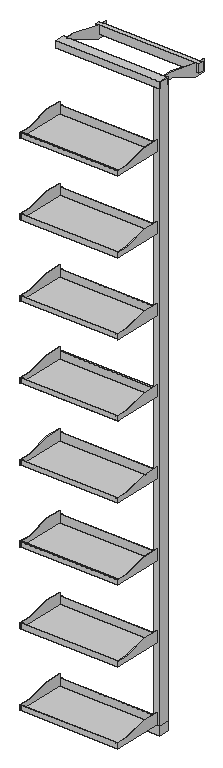
Revit family "RX25", category Specialty Equipment, Revit 2012
Parameters (values of type "Pharmacy Rolling Frame Starter (Default)")
  URL = "http://www.madixinc.com/store/pharmacy/components/index.html"
  Model = "Pharmacy"
  Manufacturer = "© 2012 Madix, Inc. All rights reserved."
  "Front" Base Shelf [instance] = yes
  "Front" 2' Shelf [instance] = yes
  "Front" 3' Shelf [instance] = yes
  "Front" 4' Shelf [instance] = yes
  Shelf Width = 1' - 4"
  "Front" 5' Shelf [instance] = yes
  "Front" 6' Shelf [instance] = yes
  "Front" 7' Shelf [instance] = yes
  "Front" 8' Shelf [instance] = yes
  Height = 8' - 0"
Reference planes (in)
  plane 1 "Center (Front/Back)": y = 0
  plane 2: z = 0
  plane 3 "Center (Left/Right)": x = 0
  plane 4: z = 0
  plane 5: z = 1.5
  plane 6: x = 8.5
  plane 7: x = 8.4375
  plane 8: x = -8.5
  plane 9: x = -8.4375
  plane 10: x = -8
  plane 11: x = 8
  plane 12: x = -8.5
  plane 13: x = 8.5
  plane 14: x = 7.5
  plane 15: x = -7.5
  plane 16: x = -7.9375
  plane 17: x = 7.9375
  plane 18: z = 96
  plane 19: z = 95.9375
  plane 20: z = 95
  plane 21: z = 93
  plane 22: z = 96
  plane 23: z = 95.9375
  plane 24: z = 95
  plane 25: z = 93
  plane 26: z = 96
Forms (in)
  Extrusion 1, solid, material "Metal - Steel", visible <- ""Front" Base Shelf"
    sketch origin (0, 0, 0) x (0, 1, 0) y (0, 0, 1)
      loop
        line (-0.75, 1.5) -> (-0.75, 3.25) -> (-3.25, 3.25) -> (-6.75, 2.25) -> (-8.75, 2.25) -> (-8.75, 1.5) -> (-0.75, 1.5)
    from -8 to -7.9375
  Extrusion 2, solid, material "Metal - Steel", visible <- ""Front" Base Shelf"
    sketch origin (0, 0, 0) x (0, 1, 0) y (0, 0, -1)
      loop
        line (-0.75, -1.5) -> (-8.75, -1.5) -> (-8.75, -2.25) -> (-6.75, -2.25) -> (-3.25, -3.25) -> (-0.75, -3.25) -> (-0.75, -1.5)
    from -8 to -7.9375
  Extrusion 3, solid, material "Metal - Steel", visible <- ""Front" Base Shelf"
    sketch origin (-8.5, -1.375, 84) x (0, 0, -1) y (0, -1, 0)
      loop
        line (81.75, 7.375) -> (81.75, 7.3125) -> (82.4375, 7.3125) -> (82.4375, -0.5625) -> (81.21326, -0.5625) -> (81.21326, -0.625) -> (82.5, -0.625) -> (82.5, 7.375) -> (81.75, 7.375)
    from -16.4375 to -0.5625
  Extrusion 4, solid, material "Metal - Steel", visible <- ""Front" 2' Shelf"
    sketch origin (0, 0, 12) x (0, 1, 0) y (0, 0, 1)
      loop
        line (-0.75, 1.5) -> (-0.75, 3.25) -> (-3.25, 3.25) -> (-6.75, 2.25) -> (-8.75, 2.25) -> (-8.75, 1.5) -> (-0.75, 1.5)
    from -8 to -7.9375
  Extrusion 5, solid, material "Metal - Steel", visible <- ""Front" 2' Shelf"
    sketch origin (0, 0, 12) x (0, 1, 0) y (0, 0, -1)
      loop
        line (-0.75, -1.5) -> (-8.75, -1.5) -> (-8.75, -2.25) -> (-6.75, -2.25) -> (-3.25, -3.25) -> (-0.75, -3.25) -> (-0.75, -1.5)
    from -7.9375 to -8
  Extrusion 6, solid, material "Metal - Steel", visible <- ""Front" 2' Shelf"
    sketch origin (-8.5, -1.375, 96) x (0, 0, -1) y (0, -1, 0)
      loop
        line (81.75, 7.375) -> (81.75, 7.3125) -> (82.4375, 7.3125) -> (82.4375, -0.5625) -> (81.21326, -0.5625) -> (81.21326, -0.625) -> (82.5, -0.625) -> (82.5, 7.375) -> (81.75, 7.375)
    from -16.4375 to -0.5625
  Extrusion 7, solid, material "Metal - Steel", visible <- ""Front" 3' Shelf"
    sketch origin (0, 0, 24) x (0, 1, 0) y (0, 0, 1)
      loop
        line (-0.75, 1.5) -> (-0.75, 3.25) -> (-3.25, 3.25) -> (-6.75, 2.25) -> (-8.75, 2.25) -> (-8.75, 1.5) -> (-0.75, 1.5)
    from -8 to -7.9375
  Extrusion 8, solid, material "Metal - Steel", visible <- ""Front" 3' Shelf"
    sketch origin (0, 0, 24) x (0, 1, 0) y (0, 0, -1)
      loop
        line (-0.75, -1.5) -> (-8.75, -1.5) -> (-8.75, -2.25) -> (-6.75, -2.25) -> (-3.25, -3.25) -> (-0.75, -3.25) -> (-0.75, -1.5)
    from -8 to -7.9375
  Extrusion 9, solid, material "Metal - Steel", visible <- ""Front" 3' Shelf"
    sketch origin (-8.5, -1.375, 108) x (0, 0, -1) y (0, -1, 0)
      loop
        line (81.75, 7.375) -> (81.75, 7.3125) -> (82.4375, 7.3125) -> (82.4375, -0.5625) -> (81.21326, -0.5625) -> (81.21326, -0.625) -> (82.5, -0.625) -> (82.5, 7.375) -> (81.75, 7.375)
    from -16.4375 to -0.5625
  Extrusion 10, solid, material "Metal - Steel", visible <- ""Front" 4' Shelf"
    sketch origin (0, 0, 36) x (0, 1, 0) y (0, 0, 1)
      loop
        line (-0.75, 1.5) -> (-0.75, 3.25) -> (-3.25, 3.25) -> (-6.75, 2.25) -> (-8.75, 2.25) -> (-8.75, 1.5) -> (-0.75, 1.5)
    from -8 to -7.9375
  Extrusion 11, solid, material "Metal - Steel", visible <- ""Front" 4' Shelf"
    sketch origin (0, 0, 36) x (0, 1, 0) y (0, 0, -1)
      loop
        line (-0.75, -1.5) -> (-8.75, -1.5) -> (-8.75, -2.25) -> (-6.75, -2.25) -> (-3.25, -3.25) -> (-0.75, -3.25) -> (-0.75, -1.5)
    from -8 to -7.9375
  Extrusion 12, solid, material "Metal - Steel", visible <- ""Front" 4' Shelf"
    sketch origin (-8.5, -1.375, 120) x (0, 0, -1) y (0, -1, 0)
      loop
        line (81.75, 7.375) -> (81.75, 7.3125) -> (82.4375, 7.3125) -> (82.4375, -0.5625) -> (81.21326, -0.5625) -> (81.21326, -0.625) -> (82.5, -0.625) -> (82.5, 7.375) -> (81.75, 7.375)
    from -16.4375 to -0.5625
  Extrusion 13, solid, material "Metal - Steel"
    sketch origin (-6, -1.375, 84) x (-1, 0, 0) y (0, -1, 0)
      loop
        line (2.5, -0.625) -> (-14.5, -0.625) -> (-14.5, -2.125) -> (2.5, -2.125) -> (2.5, -0.625)
    from -84 to -82.5
  Extrusion 14, solid, material "Metal - Steel"
    sketch origin (0, 0, 0) x (0, 1, 0) y (0, 0, -1)
      loop
        line (8.75, -95) -> (8.75, -93) -> (7.25, -93) -> (2.1875, -95) -> (0.8125, -95) -> (0.8125, -96) -> (2.1875, -96) -> (7.25, -95) -> (8.75, -95)
    from -8 to -7.9375
  Extrusion 15, solid, material "Metal - Steel"
    sketch origin (0, 0, 0) x (0, 1, 0) y (0, 0, 1)
      loop
        line (-0.8125, 95) -> (-0.75, 95) -> (-0.75, 95.9375) -> (0.75, 95.9375) -> (0.75, 95) -> (0.8125, 95) -> (0.8125, 96) -> (-0.8125, 96) -> (-0.8125, 95)
      loop
        line (7.25, 95) -> (7.25, 93.75) -> (8, 93.75) -> (8, 95) -> (7.25, 95)
    from -8.5 to 8.5
  Extrusion 16, solid, material "Metal - Steel"
    sketch origin (-6, -1.375, 84) x (-1, 0, 0) y (0, -1, 0)
      loop
        line (-14.5, -2.125) -> (-13.5, -2.125) -> (-13.5, -0.625) -> (-14.5, -0.625) -> (-14.5, -2.125)
    from -82.5 to 11.9375
  Extrusion 17, solid, material "Metal - Steel"
    sketch origin (0, 0, 0) x (0, 1, 0) y (0, 0, 1)
      loop
        line (8.75, 95) -> (7.25, 95) -> (2.1875, 96) -> (0.8125, 96) -> (0.8125, 95) -> (2.1875, 95) -> (7.25, 93) -> (8.75, 93) -> (8.75, 95)
    from -8 to -7.9375
  Extrusion 18, solid, material "Metal - Steel", visible <- ""Front" 5' Shelf"
    sketch origin (0, 0, 0) x (0, 1, 0) y (0, 0, 1)
      loop
        line (-0.8125, 50.78674) -> (-0.8125, 49.5625) -> (-8.6875, 49.5625) -> (-8.6875, 50.25) -> (-8.75, 50.25) -> (-8.75, 49.5) -> (-0.75, 49.5) -> (-0.75, 50.78674) -> (-0.8125, 50.78674)
    from -7.9375 to 7.9375
  Extrusion 19, solid, material "Metal - Steel", visible <- ""Front" 6' Shelf"
    sketch origin (0, 0, -72) x (0, 1, 0) y (0, 0, 1)
      loop
        line (-0.8125, 133.5625) -> (-8.6875, 133.5625) -> (-8.6875, 134.25) -> (-8.75, 134.25) -> (-8.75, 133.5) -> (-0.75, 133.5) -> (-0.75, 134.78674) -> (-0.8125, 134.78674) -> (-0.8125, 133.5625)
    from -7.9375 to 7.9375
  Extrusion 20, solid, material "Metal - Steel", visible <- ""Front" 7' Shelf"
    sketch origin (0, 0, 0) x (0, 1, 0) y (0, 0, 1)
      loop
        line (-0.75, 74.78674) -> (-0.8125, 74.78674) -> (-0.8125, 73.5625) -> (-8.6875, 73.5625) -> (-8.6875, 74.25) -> (-8.75, 74.25) -> (-8.75, 73.5) -> (-0.75, 73.5) -> (-0.75, 74.78674)
    from -7.9375 to 7.9375
  Extrusion 21, solid, material "Metal - Steel", visible <- ""Front" 8' Shelf"
    sketch origin (0, 0, 0) x (0, 1, 0) y (0, 0, 1)
      loop
        line (-0.75, 86.78674) -> (-0.8125, 86.78674) -> (-0.8125, 85.5625) -> (-8.6875, 85.5625) -> (-8.6875, 86.25) -> (-8.75, 86.25) -> (-8.75, 85.5) -> (-0.75, 85.5) -> (-0.75, 86.78674)
    from -7.9375 to 7.9375
  Extrusion 22, solid, material "Metal - Steel", visible <- ""Front" 5' Shelf"
    sketch origin (0, 0, 0) x (0, 1, 0) y (0, 0, 1)
      loop
        line (-0.75, 51.25) -> (-3.25, 51.25) -> (-6.75, 50.25) -> (-8.75, 50.25) -> (-8.75, 49.5) -> (-0.75, 49.5) -> (-0.75, 51.25)
    from -8 to -7.9375
  Extrusion 23, solid, material "Metal - Steel", visible <- ""Front" 5' Shelf"
    sketch origin (0, 0, 0) x (0, 1, 0) y (0, 0, -1)
      loop
        line (-0.75, -51.25) -> (-0.75, -49.5) -> (-8.75, -49.5) -> (-8.75, -50.25) -> (-6.75, -50.25) -> (-3.25, -51.25) -> (-0.75, -51.25)
    from -8 to -7.9375
  Extrusion 24, solid, material "Metal - Steel", visible <- ""Front" 6' Shelf"
    sketch origin (0, 0, 0) x (0, 1, 0) y (0, 0, 1)
      loop
        line (-0.75, 63.25) -> (-3.25, 63.25) -> (-6.75, 62.25) -> (-8.75, 62.25) -> (-8.75, 61.5) -> (-0.75, 61.5) -> (-0.75, 63.25)
    from -8 to -7.9375
  Extrusion 25, solid, material "Metal - Steel", visible <- ""Front" 6' Shelf"
    sketch origin (0, 0, 0) x (0, 1, 0) y (0, 0, -1)
      loop
        line (-0.75, -63.25) -> (-0.75, -61.5) -> (-8.75, -61.5) -> (-8.75, -62.25) -> (-6.75, -62.25) -> (-3.25, -63.25) -> (-0.75, -63.25)
    from -8 to -7.9375
  Extrusion 26, solid, material "Metal - Steel", visible <- ""Front" 7' Shelf"
    sketch origin (0, 0, 0) x (0, 1, 0) y (0, 0, 1)
      loop
        line (-0.75, 75.25) -> (-3.25, 75.25) -> (-6.75, 74.25) -> (-8.75, 74.25) -> (-8.75, 73.5) -> (-0.75, 73.5) -> (-0.75, 75.25)
    from -8 to -7.9375
  Extrusion 27, solid, material "Metal - Steel", visible <- ""Front" 7' Shelf"
    sketch origin (0, 0, 0) x (0, 1, 0) y (0, 0, -1)
      loop
        line (-0.75, -75.25) -> (-0.75, -73.5) -> (-8.75, -73.5) -> (-8.75, -74.25) -> (-6.75, -74.25) -> (-3.25, -75.25) -> (-0.75, -75.25)
    from -8 to -7.9375
  Extrusion 28, solid, material "Metal - Steel", visible <- ""Front" 8' Shelf"
    sketch origin (0, 0, 0) x (0, 1, 0) y (0, 0, 1)
      loop
        line (-0.75, 87.25) -> (-3.25, 87.25) -> (-6.75, 86.25) -> (-8.75, 86.25) -> (-8.75, 85.5) -> (-0.75, 85.5) -> (-0.75, 87.25)
    from -8 to -7.9375
  Extrusion 29, solid, material "Metal - Steel", visible <- ""Front" 8' Shelf"
    sketch origin (0, 0, 0) x (0, 1, 0) y (0, 0, -1)
      loop
        line (-0.75, -87.25) -> (-0.75, -85.5) -> (-8.75, -85.5) -> (-8.75, -86.25) -> (-6.75, -86.25) -> (-3.25, -87.25) -> (-0.75, -87.25)
    from -8 to -7.9375
Cuts and joins
  joined: Extrusion 1, Extrusion 2, Extrusion 3
  joined: Extrusion 14, Extrusion 15, Extrusion 17
Dimensions and locks (in)
  locked: plane 6 to plane 7 at 0.0625
  locked: plane 9 to plane 8 at 0.0625
  equal spacing: plane 6, plane 3 "Center (Left/Right)", plane 8
  plane 14 to plane 11 to plane 13 = 0' - 0 1/2" locked, 0' - 0 1/2" locked
  plane 12 to plane 10 to plane 15 = 0' - 0 1/2" locked, 0' - 0 1/2" locked
  equal spacing: plane 10, plane 3 "Center (Left/Right)", plane 11
  "Shelf Width": plane 10 to plane 11
  locked: plane 10 to plane 16 at 0.0625
  locked: plane 17 to plane 11 at 0.0625
  plane 18 to plane 19 to plane 20 to plane 21 = 0' - 0 1/16" locked, 0' - 0 15/16" locked, 0' - 2" locked
  plane 22 to plane 23 to plane 24 to plane 25 = 0' - 0 1/16" locked, 0' - 0 15/16" locked, 0' - 2" locked
  "Height": plane 26 to level
  aligned and locked: level to plane 2
  aligned and locked: Extrusion 3 to Extrusion 2
  aligned and locked: Extrusion 3 to Extrusion 1
  aligned and locked: cut or joined group of Extrusion 1, Extrusion 2, Extrusion 3 to Extrusion 12
  aligned and locked: cut or joined group of Extrusion 1, Extrusion 2, Extrusion 3 to Extrusion 9
  aligned and locked: cut or joined group of Extrusion 1, Extrusion 2, Extrusion 3 to Extrusion 6  (x2)
  aligned and locked: plane 10 to cut or joined group of Extrusion 1, Extrusion 2, Extrusion 3
  aligned and locked: plane 11 to cut or joined group of Extrusion 1, Extrusion 2, Extrusion 3
  aligned and locked: plane 16 to cut or joined group of Extrusion 1, Extrusion 2, Extrusion 3
  aligned and locked: Extrusion 5 to cut or joined group of Extrusion 1, Extrusion 2, Extrusion 3
  aligned and locked: Extrusion 5 to plane 17
  aligned and locked: Extrusion 2 to Extrusion 5  (x2)
  aligned and locked: Extrusion 11 to cut or joined group of Extrusion 1, Extrusion 2, Extrusion 3  (x2)
  aligned and locked: Extrusion 8 to cut or joined group of Extrusion 1, Extrusion 2, Extrusion 3  (x2)
  aligned and locked: Extrusion 12 to cut or joined group of Extrusion 1, Extrusion 2, Extrusion 3  (x2)
  aligned and locked: Extrusion 9 to cut or joined group of Extrusion 1, Extrusion 2, Extrusion 3  (x2)
  aligned and locked: Extrusion 6 to cut or joined group of Extrusion 1, Extrusion 2, Extrusion 3  (x2)
  aligned and locked: Extrusion 10 to cut or joined group of Extrusion 1, Extrusion 2, Extrusion 3  (x2)
  aligned and locked: Extrusion 7 to cut or joined group of Extrusion 1, Extrusion 2, Extrusion 3  (x2)
  aligned and locked: Extrusion 4 to cut or joined group of Extrusion 1, Extrusion 2, Extrusion 3  (x2)
  aligned and locked: plane 6 to plane 13
  aligned and locked: Extrusion 16 to plane 5
  aligned and locked: Extrusion 16 to cut or joined group of Extrusion 14, Extrusion 15, Extrusion 17
  aligned and locked: Extrusion 11 to Extrusion 18
  aligned and locked: Extrusion 18 to Extrusion 10
  aligned and locked: Extrusion 19 to cut or joined group of Extrusion 1, Extrusion 2, Extrusion 3  (x2)
  aligned and locked: plane 19 to Extrusion 16
  aligned and locked: plane 20 to cut or joined group of Extrusion 14, Extrusion 15, Extrusion 17
  aligned and locked: plane 21 to cut or joined group of Extrusion 14, Extrusion 15, Extrusion 17
  aligned and locked: plane 24 to cut or joined group of Extrusion 14, Extrusion 15, Extrusion 17
  aligned and locked: plane 25 to cut or joined group of Extrusion 14, Extrusion 15, Extrusion 17
  aligned and locked: plane 18 to plane 22
  aligned and locked: plane 22 to plane 26
  aligned and locked: Extrusion 29 to cut or joined group of Extrusion 1, Extrusion 2, Extrusion 3  (x2)
  aligned and locked: Extrusion 27 to cut or joined group of Extrusion 1, Extrusion 2, Extrusion 3  (x2)
  aligned and locked: Extrusion 25 to cut or joined group of Extrusion 1, Extrusion 2, Extrusion 3  (x2)
  aligned and locked: Extrusion 23 to cut or joined group of Extrusion 1, Extrusion 2, Extrusion 3  (x2)
  aligned and locked: Extrusion 21 to cut or joined group of Extrusion 1, Extrusion 2, Extrusion 3  (x2)
  aligned and locked: Extrusion 20 to cut or joined group of Extrusion 1, Extrusion 2, Extrusion 3  (x2)
  aligned and locked: Extrusion 28 to cut or joined group of Extrusion 1, Extrusion 2, Extrusion 3  (x2)
  aligned and locked: Extrusion 26 to cut or joined group of Extrusion 1, Extrusion 2, Extrusion 3  (x2)
  aligned and locked: Extrusion 24 to cut or joined group of Extrusion 1, Extrusion 2, Extrusion 3  (x2)
  aligned and locked: Extrusion 22 to cut or joined group of Extrusion 1, Extrusion 2, Extrusion 3  (x2)
  aligned and locked: plane 10 to Extrusion 17
  aligned and locked: Extrusion 17 to plane 16
  aligned and locked: Extrusion 14 to plane 17
  aligned and locked: Extrusion 14 to plane 11
  aligned and locked: plane 6 to Extrusion 15
  aligned and locked: Extrusion 15 to plane 8
Automatic sketch dimensions
  Extrusion 1 sketch curve to plane 5 = 0' - 0"
  plane 1 "Center (Front/Back)" to Extrusion 1 sketch curve = 0' - 8 3/4"
  plane 5 to Extrusion 1 sketch curve = 0' - 0 3/4"
  Extrusion 1 sketch curve to Extrusion 1 sketch curve = 0' - 2"
  plane 1 "Center (Front/Back)" to Extrusion 1 sketch curve = 0' - 3 1/4"
  plane 1 "Center (Front/Back)" to Extrusion 1 sketch curve = 0' - 0 3/4"
  plane 5 to Extrusion 1 sketch curve = 0' - 1 3/4"
  Extrusion 2 sketch curve to plane 5 = 0' - 0"
  plane 1 "Center (Front/Back)" to Extrusion 2 sketch curve = 0' - 8 3/4"
  plane 5 to Extrusion 2 sketch curve = 0' - 0 3/4"
  Extrusion 2 sketch curve to Extrusion 2 sketch curve = 0' - 2"
  plane 1 "Center (Front/Back)" to Extrusion 2 sketch curve = 0' - 3 1/4"
  plane 1 "Center (Front/Back)" to Extrusion 2 sketch curve = 0' - 0 3/4"
  plane 5 to Extrusion 2 sketch curve = 0' - 1 3/4"
  Extrusion 3 sketch curve to plane 5 = 0' - 0"
  plane 5 to Extrusion 3 sketch curve = 0' - 0 1/16"
  Extrusion 3 sketch curve to Extrusion 3 sketch curve = 0' - 0 11/16"
  Extrusion 3 sketch curve to Extrusion 3 sketch curve = 0' - 1.22424"
  plane 1 "Center (Front/Back)" to Extrusion 3 sketch curve = 0' - 0 3/4"
  Extrusion 3 sketch curve to Extrusion 3 sketch curve = 0' - 0 1/16"  (x2)
  Extrusion 3 sketch curve to Extrusion 3 sketch curve = 0' - 7 7/8"
  plane 1 "Center (Front/Back)" to Extrusion 4 sketch curve = 0' - 8 3/4"
  Extrusion 4 sketch curve to Extrusion 4 sketch curve = 0' - 2"
  plane 1 "Center (Front/Back)" to Extrusion 4 sketch curve = 0' - 3 1/4"
  plane 1 "Center (Front/Back)" to Extrusion 4 sketch curve = 0' - 0 3/4"
  plane 5 to Extrusion 4 sketch curve = 1' - 0"
  Extrusion 4 sketch curve to Extrusion 4 sketch curve = 0' - 0 3/4"
  Extrusion 4 sketch curve to Extrusion 4 sketch curve = 0' - 1 3/4"
  plane 1 "Center (Front/Back)" to Extrusion 5 sketch curve = 0' - 8 3/4"
  Extrusion 5 sketch curve to Extrusion 5 sketch curve = 0' - 2"
  plane 1 "Center (Front/Back)" to Extrusion 5 sketch curve = 0' - 3 1/4"
  plane 1 "Center (Front/Back)" to Extrusion 5 sketch curve = 0' - 0 3/4"
  plane 5 to Extrusion 5 sketch curve = 1' - 1 3/4"
  Extrusion 5 sketch curve to Extrusion 5 sketch curve = 0' - 1"
  Extrusion 5 sketch curve to Extrusion 5 sketch curve = 0' - 1 3/4"
  plane 1 "Center (Front/Back)" to Extrusion 6 sketch curve = 0' - 0 13/16"
  plane 5 to Extrusion 6 sketch curve = 1' - 1.28674"
  Extrusion 6 sketch curve to Extrusion 6 sketch curve = 0' - 0.53674"
  Extrusion 6 sketch curve to Extrusion 6 sketch curve = 0' - 0 11/16"
  Extrusion 6 sketch curve to Extrusion 6 sketch curve = 0' - 0 1/16"  (x3)
  Extrusion 6 sketch curve to Extrusion 6 sketch curve = 0' - 7 7/8"
  plane 1 "Center (Front/Back)" to Extrusion 7 sketch curve = 0' - 8 3/4"
  Extrusion 7 sketch curve to Extrusion 7 sketch curve = 0' - 2"
  plane 1 "Center (Front/Back)" to Extrusion 7 sketch curve = 0' - 3 1/4"
  plane 1 "Center (Front/Back)" to Extrusion 7 sketch curve = 0' - 0 3/4"
  plane 5 to Extrusion 7 sketch curve = 2' - 0"
  Extrusion 7 sketch curve to Extrusion 7 sketch curve = 0' - 0 3/4"
  Extrusion 7 sketch curve to Extrusion 7 sketch curve = 0' - 1 3/4"
  plane 1 "Center (Front/Back)" to Extrusion 8 sketch curve = 0' - 8 3/4"
  Extrusion 8 sketch curve to Extrusion 8 sketch curve = 0' - 2"
  plane 1 "Center (Front/Back)" to Extrusion 8 sketch curve = 0' - 3 1/4"
  plane 1 "Center (Front/Back)" to Extrusion 8 sketch curve = 0' - 0 3/4"
  plane 5 to Extrusion 8 sketch curve = 2' - 1 3/4"
  Extrusion 8 sketch curve to Extrusion 8 sketch curve = 0' - 1"
  Extrusion 8 sketch curve to Extrusion 8 sketch curve = 0' - 1 3/4"
  plane 1 "Center (Front/Back)" to Extrusion 9 sketch curve = 0' - 0 13/16"
  plane 5 to Extrusion 9 sketch curve = 2' - 1.28674"
  Extrusion 9 sketch curve to Extrusion 9 sketch curve = 0' - 0.53674"
  Extrusion 9 sketch curve to Extrusion 9 sketch curve = 0' - 0 11/16"
  Extrusion 9 sketch curve to Extrusion 9 sketch curve = 0' - 0 1/16"  (x3)
  Extrusion 9 sketch curve to Extrusion 9 sketch curve = 0' - 7 7/8"
  plane 1 "Center (Front/Back)" to Extrusion 10 sketch curve = 0' - 8 3/4"
  Extrusion 10 sketch curve to Extrusion 10 sketch curve = 0' - 2"
  plane 1 "Center (Front/Back)" to Extrusion 10 sketch curve = 0' - 3 1/4"
  plane 1 "Center (Front/Back)" to Extrusion 10 sketch curve = 0' - 0 3/4"
  plane 5 to Extrusion 10 sketch curve = 3' - 0"
  Extrusion 10 sketch curve to Extrusion 10 sketch curve = 0' - 0 3/4"
  Extrusion 10 sketch curve to Extrusion 10 sketch curve = 0' - 1 3/4"
  plane 1 "Center (Front/Back)" to Extrusion 11 sketch curve = 0' - 8 3/4"
  Extrusion 11 sketch curve to Extrusion 11 sketch curve = 0' - 2"
  plane 1 "Center (Front/Back)" to Extrusion 11 sketch curve = 0' - 3 1/4"
  plane 1 "Center (Front/Back)" to Extrusion 11 sketch curve = 0' - 0 3/4"
  plane 5 to Extrusion 11 sketch curve = 3' - 1 3/4"
  Extrusion 11 sketch curve to Extrusion 11 sketch curve = 0' - 1"
  Extrusion 11 sketch curve to Extrusion 11 sketch curve = 0' - 1 3/4"
  plane 1 "Center (Front/Back)" to Extrusion 12 sketch curve = 0' - 0 13/16"
  plane 5 to Extrusion 12 sketch curve = 3' - 1.28674"
  Extrusion 12 sketch curve to Extrusion 12 sketch curve = 0' - 0.53674"
  Extrusion 12 sketch curve to Extrusion 12 sketch curve = 0' - 0 11/16"
  Extrusion 12 sketch curve to Extrusion 12 sketch curve = 0' - 0 1/16"  (x3)
  Extrusion 12 sketch curve to Extrusion 12 sketch curve = 0' - 7 7/8"
  Extrusion 13 sketch curve to plane 6 = 0' - 0"
  Extrusion 13 sketch curve to plane 8 = 0' - 0"
  Extrusion 13 sketch curve to plane 1 "Center (Front/Back)" = 0' - 0 3/4"
  plane 1 "Center (Front/Back)" to Extrusion 13 sketch curve = 0' - 0 3/4"
  plane 1 "Center (Front/Back)" to Extrusion 15 sketch curve = 0' - 0 13/16"
  Extrusion 15 sketch curve to Extrusion 15 sketch curve = 0' - 0 1/16"  (x3)
  Extrusion 15 sketch curve to plane 1 "Center (Front/Back)" = 0' - 0 3/4"
  Extrusion 15 sketch curve to Extrusion 15 sketch curve = 0' - 6 7/16"
  Extrusion 15 sketch curve to Extrusion 15 sketch curve = 0' - 0 3/4"
  plane 5 to Extrusion 15 sketch curve = 7' - 8 1/4"
  Extrusion 15 sketch curve to Extrusion 15 sketch curve = 0' - 1 1/4"  (x2)
  Extrusion 15 sketch curve to Extrusion 15 sketch curve = 0' - 0"
  Extrusion 15 sketch curve to Extrusion 15 sketch curve = 0' - 0 15/16"
  Extrusion 16 sketch curve to plane 6 = 0' - 0"
  Extrusion 16 sketch curve to plane 14 = 0' - 0"
  Extrusion 16 sketch curve to plane 1 "Center (Front/Back)" = 0' - 0 3/4"
  plane 1 "Center (Front/Back)" to Extrusion 16 sketch curve = 0' - 0 3/4"
  plane 1 "Center (Front/Back)" to Extrusion 18 sketch curve = 0' - 8 3/4"
  Extrusion 18 sketch curve to Extrusion 18 sketch curve = 0' - 0 1/16"  (x3)
  plane 1 "Center (Front/Back)" to Extrusion 18 sketch curve = 0' - 0 13/16"
  plane 5 to Extrusion 18 sketch curve = 4' - 0"
  Extrusion 18 sketch curve to Extrusion 18 sketch curve = 0' - 0 11/16"
  Extrusion 18 sketch curve to Extrusion 18 sketch curve = 0' - 1.22424"
  plane 1 "Center (Front/Back)" to Extrusion 19 sketch curve = 0' - 8 3/4"
  Extrusion 19 sketch curve to Extrusion 19 sketch curve = 0' - 0 1/16"  (x3)
  plane 1 "Center (Front/Back)" to Extrusion 19 sketch curve = 0' - 0 13/16"
  plane 5 to Extrusion 19 sketch curve = 5' - 0"
  Extrusion 19 sketch curve to Extrusion 19 sketch curve = 0' - 0 11/16"
  Extrusion 19 sketch curve to Extrusion 19 sketch curve = 0' - 1.22424"
  plane 1 "Center (Front/Back)" to Extrusion 20 sketch curve = 0' - 8 3/4"
  Extrusion 20 sketch curve to Extrusion 20 sketch curve = 0' - 0 1/16"  (x3)
  plane 1 "Center (Front/Back)" to Extrusion 20 sketch curve = 0' - 0 13/16"
  plane 5 to Extrusion 20 sketch curve = 6' - 0"
  Extrusion 20 sketch curve to Extrusion 20 sketch curve = 0' - 0 11/16"
  Extrusion 20 sketch curve to Extrusion 20 sketch curve = 0' - 1.22424"
  plane 1 "Center (Front/Back)" to Extrusion 21 sketch curve = 0' - 8 3/4"
  Extrusion 21 sketch curve to Extrusion 21 sketch curve = 0' - 0 1/16"  (x3)
  plane 1 "Center (Front/Back)" to Extrusion 21 sketch curve = 0' - 0 13/16"
  plane 5 to Extrusion 21 sketch curve = 7' - 0"
  Extrusion 21 sketch curve to Extrusion 21 sketch curve = 0' - 0 11/16"
  Extrusion 21 sketch curve to Extrusion 21 sketch curve = 0' - 1.22424"
  plane 1 "Center (Front/Back)" to Extrusion 22 sketch curve = 0' - 8 3/4"
  Extrusion 22 sketch curve to Extrusion 22 sketch curve = 0' - 2"
  plane 1 "Center (Front/Back)" to Extrusion 22 sketch curve = 0' - 3 1/4"
  plane 1 "Center (Front/Back)" to Extrusion 22 sketch curve = 0' - 0 3/4"
  plane 5 to Extrusion 22 sketch curve = 4' - 0"
  Extrusion 22 sketch curve to Extrusion 22 sketch curve = 0' - 0 3/4"
  Extrusion 22 sketch curve to Extrusion 22 sketch curve = 0' - 1 3/4"
  plane 1 "Center (Front/Back)" to Extrusion 23 sketch curve = 0' - 8 3/4"
  Extrusion 23 sketch curve to Extrusion 23 sketch curve = 0' - 2"
  plane 1 "Center (Front/Back)" to Extrusion 23 sketch curve = 0' - 3 1/4"
  plane 1 "Center (Front/Back)" to Extrusion 23 sketch curve = 0' - 0 3/4"
  plane 5 to Extrusion 23 sketch curve = 4' - 1 3/4"
  Extrusion 23 sketch curve to Extrusion 23 sketch curve = 0' - 1"
  Extrusion 23 sketch curve to Extrusion 23 sketch curve = 0' - 1 3/4"
  plane 1 "Center (Front/Back)" to Extrusion 24 sketch curve = 0' - 8 3/4"
  Extrusion 24 sketch curve to Extrusion 24 sketch curve = 0' - 2"
  plane 1 "Center (Front/Back)" to Extrusion 24 sketch curve = 0' - 3 1/4"
  plane 1 "Center (Front/Back)" to Extrusion 24 sketch curve = 0' - 0 3/4"
  plane 5 to Extrusion 24 sketch curve = 5' - 0"
  Extrusion 24 sketch curve to Extrusion 24 sketch curve = 0' - 0 3/4"
  Extrusion 24 sketch curve to Extrusion 24 sketch curve = 0' - 1 3/4"
  plane 1 "Center (Front/Back)" to Extrusion 25 sketch curve = 0' - 8 3/4"
  Extrusion 25 sketch curve to Extrusion 25 sketch curve = 0' - 2"
  plane 1 "Center (Front/Back)" to Extrusion 25 sketch curve = 0' - 3 1/4"
  plane 1 "Center (Front/Back)" to Extrusion 25 sketch curve = 0' - 0 3/4"
  plane 5 to Extrusion 25 sketch curve = 5' - 1 3/4"
  Extrusion 25 sketch curve to Extrusion 25 sketch curve = 0' - 1"
  Extrusion 25 sketch curve to Extrusion 25 sketch curve = 0' - 1 3/4"
  plane 1 "Center (Front/Back)" to Extrusion 26 sketch curve = 0' - 8 3/4"
  Extrusion 26 sketch curve to Extrusion 26 sketch curve = 0' - 2"
  plane 1 "Center (Front/Back)" to Extrusion 26 sketch curve = 0' - 3 1/4"
  plane 1 "Center (Front/Back)" to Extrusion 26 sketch curve = 0' - 0 3/4"
  plane 5 to Extrusion 26 sketch curve = 6' - 0"
  Extrusion 26 sketch curve to Extrusion 26 sketch curve = 0' - 0 3/4"
  Extrusion 26 sketch curve to Extrusion 26 sketch curve = 0' - 1 3/4"
  plane 1 "Center (Front/Back)" to Extrusion 27 sketch curve = 0' - 8 3/4"
  Extrusion 27 sketch curve to Extrusion 27 sketch curve = 0' - 2"
  plane 1 "Center (Front/Back)" to Extrusion 27 sketch curve = 0' - 3 1/4"
  plane 1 "Center (Front/Back)" to Extrusion 27 sketch curve = 0' - 0 3/4"
  plane 5 to Extrusion 27 sketch curve = 6' - 1 3/4"
  Extrusion 27 sketch curve to Extrusion 27 sketch curve = 0' - 1"
  Extrusion 27 sketch curve to Extrusion 27 sketch curve = 0' - 1 3/4"
  plane 1 "Center (Front/Back)" to Extrusion 28 sketch curve = 0' - 8 3/4"
  Extrusion 28 sketch curve to Extrusion 28 sketch curve = 0' - 2"
  plane 1 "Center (Front/Back)" to Extrusion 28 sketch curve = 0' - 3 1/4"
  plane 1 "Center (Front/Back)" to Extrusion 28 sketch curve = 0' - 0 3/4"
  plane 5 to Extrusion 28 sketch curve = 7' - 0"
  Extrusion 28 sketch curve to Extrusion 28 sketch curve = 0' - 0 3/4"
  Extrusion 28 sketch curve to Extrusion 28 sketch curve = 0' - 1 3/4"
  plane 1 "Center (Front/Back)" to Extrusion 29 sketch curve = 0' - 8 3/4"
  Extrusion 29 sketch curve to Extrusion 29 sketch curve = 0' - 2"
  plane 1 "Center (Front/Back)" to Extrusion 29 sketch curve = 0' - 3 1/4"
  plane 1 "Center (Front/Back)" to Extrusion 29 sketch curve = 0' - 0 3/4"
  plane 5 to Extrusion 29 sketch curve = 7' - 1 3/4"
  Extrusion 29 sketch curve to Extrusion 29 sketch curve = 0' - 1"
  Extrusion 29 sketch curve to Extrusion 29 sketch curve = 0' - 1 3/4"
  Extrusion 17 sketch curve to plane 20 = 0' - 0"  (x2)
  Extrusion 17 sketch curve to plane 18 = 0' - 0"
  Extrusion 17 sketch curve to plane 21 = 0' - 0"
  Extrusion 17 sketch curve to plane 1 "Center (Front/Back)" = 0' - 0 13/16"
  Extrusion 17 sketch curve to Extrusion 17 sketch curve = 0' - 1 3/8"
  Extrusion 17 sketch curve to Extrusion 17 sketch curve = 0' - 0"  (x2)
  Extrusion 17 sketch curve to Extrusion 17 sketch curve = 0' - 5 1/16"
  Extrusion 17 sketch curve to Extrusion 17 sketch curve = 0' - 1 1/2"
  Extrusion 14 sketch curve to plane 18 = 0' - 0"
  Extrusion 14 sketch curve to plane 20 = 0' - 0"  (x2)
  Extrusion 14 sketch curve to plane 21 = 0' - 0"
  Extrusion 14 sketch curve to plane 1 "Center (Front/Back)" = 0' - 0 13/16"
  Extrusion 14 sketch curve to Extrusion 14 sketch curve = 0' - 1 3/8"
  Extrusion 14 sketch curve to Extrusion 14 sketch curve = 0' - 0"  (x2)
  Extrusion 14 sketch curve to Extrusion 14 sketch curve = 0' - 5 1/16"
  Extrusion 14 sketch curve to Extrusion 14 sketch curve = 0' - 1 1/2"
